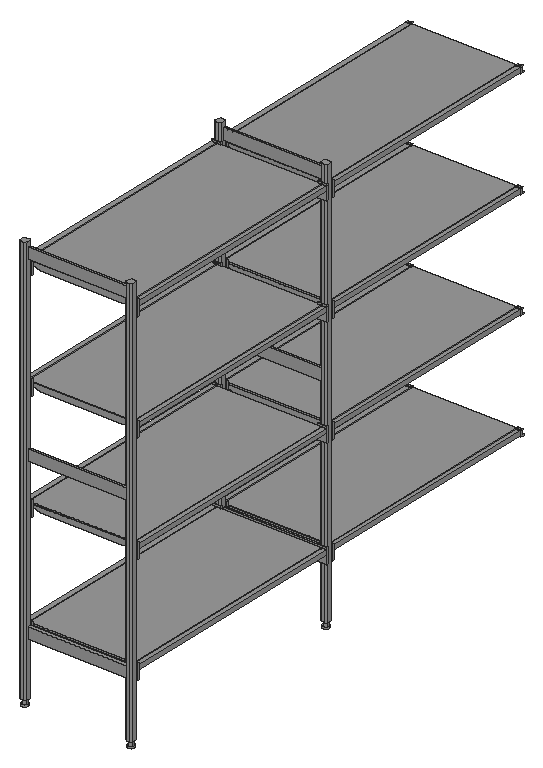
Revit family "QF_ZANUSSI_137084_CLS2016", category Attrezzature speciali, Revit 2020 (continued)
Definition of nested family "WT_Aggancio475"
  Dimensions and locks
    equal spacing: plane 3 "BACK", plane 6 "Center (Front/Back)", plane 4 "FRONT"
    plane 9 "FEET" to level = 25.0 mm
    plane 5 "TOP" to plane 9 "FEET" = 1700.0 mm
    plane 10 to plane 9 "FEET" = 250.0 mm
    plane 11 to plane 10 = 450.0 mm
    plane 12 to plane 11 = 450.0 mm
    plane 13 to plane 12 = 450.0 mm
    locked: plane 3 "BACK" to plane 15 "CYBack" at 17.5
    locked: plane 16 "CYFront" to plane 4 "FRONT" at 17.5
    aligned and locked: level to plane 1
    aligned and locked: Extrusion 1 sketch curve to Extrusion 1 sketch curve  (x3)
  Automatic sketch dimensions
    plane 16 "CYFront" to Extrusion 1 sketch curve = 1.478 mm  (x4)
    Extrusion 1 sketch curve to Extrusion 1 sketch curve = 2.0 mm
    plane 8 to Extrusion 1 sketch curve = 3.478 mm  (x4)
    Extrusion 1 sketch curve to plane 10 = 4.006 mm
    Extrusion 1 sketch curve to Extrusion 1 sketch curve = 34.0 mm  (x4)
    Extrusion 1 sketch curve to plane 11 = 4.006 mm
    Extrusion 1 sketch curve to plane 12 = 4.006 mm
    Extrusion 1 sketch curve to plane 13 = 4.006 mm
    Extrusion 1 sketch curve to plane 7 = 37.522 mm  (x4)
    Extrusion 1 sketch curve to plane 7 = 3.522 mm  (x4)
    plane 14 to Extrusion 1 sketch curve = 3.516 mm  (x4)
    plane 14 to Extrusion 1 sketch curve = 1.522 mm  (x4)
    plane 10 to Extrusion 1 sketch curve = 7.998 mm  (x2)
    Extrusion 1 sketch curve to Extrusion 1 sketch curve = 11.498 mm  (x4)
    Extrusion 1 sketch curve to Extrusion 1 sketch curve = 6.499 mm  (x8)
    plane 11 to Extrusion 1 sketch curve = 7.998 mm  (x2)
    plane 12 to Extrusion 1 sketch curve = 7.998 mm  (x2)
    plane 13 to Extrusion 1 sketch curve = 7.998 mm  (x2)
    plane 2 "LEFT" to Extrusion 2 sketch curve = 0.0 mm  (x4)
    plane 13 to Extrusion 2 sketch curve = 7.996 mm
    plane 11 to Extrusion 2 sketch curve = 7.996 mm
    Extrusion 2 sketch curve to Extrusion 2 sketch curve = 5.0 mm  (x4)
    plane 11 to Extrusion 2 sketch curve = 2.494 mm
    plane 10 to Extrusion 2 sketch curve = 28.996 mm
    Extrusion 2 sketch curve to Extrusion 2 sketch curve = 3.0 mm  (x4)
    plane 10 to Extrusion 2 sketch curve = 7.996 mm
    plane 10 to Extrusion 2 sketch curve = 2.494 mm
    Extrusion 2 sketch curve to Extrusion 2 sketch curve = 18.0 mm  (x3)
    plane 12 to Extrusion 2 sketch curve = 2.494 mm
    plane 12 to Extrusion 2 sketch curve = 7.996 mm
    plane 13 to Extrusion 2 sketch curve = 2.494 mm
    plane 2 "LEFT" to Extrusion 3 sketch curve = 0.0 mm  (x4)
    plane 13 to Extrusion 3 sketch curve = 7.996 mm
    plane 11 to Extrusion 3 sketch curve = 7.996 mm
    Extrusion 3 sketch curve to Extrusion 3 sketch curve = 5.0 mm  (x4)
    plane 11 to Extrusion 3 sketch curve = 2.494 mm
    plane 10 to Extrusion 3 sketch curve = 28.996 mm
    Extrusion 3 sketch curve to Extrusion 3 sketch curve = 3.0 mm  (x4)
    plane 10 to Extrusion 3 sketch curve = 7.996 mm
    plane 10 to Extrusion 3 sketch curve = 2.494 mm
    Extrusion 3 sketch curve to Extrusion 3 sketch curve = 18.0 mm  (x3)
    plane 12 to Extrusion 3 sketch curve = 2.494 mm
    plane 12 to Extrusion 3 sketch curve = 7.996 mm
    plane 13 to Extrusion 3 sketch curve = 2.494 mm
    plane 2 "LEFT" to curve 1 = 5.0 mm
    plane 2 "LEFT" to curve 7 = 5.0 mm
    curve 1 to plane 16 "CYFront" = 17.5 mm
    curve 3 to plane 8 = 12.522 mm
    plane 7 to curve 5 = 12.478 mm
    curve 7 to plane 14 = 17.5 mm
    curve 5 to curve 5 = 4.0 mm
    curve 1 to curve 4 = 4.0 mm
    Extrusion 2 sketch curve to Extrusion 2 sketch curve = 4.0 mm  (x4)
    Extrusion 2 sketch curve to Extrusion 2 sketch curve = 8.969 mm  (x4)
    Extrusion 3 sketch curve to Extrusion 3 sketch curve = 4.0 mm  (x4)
    Extrusion 3 sketch curve to Extrusion 3 sketch curve = 8.969 mm  (x4)
